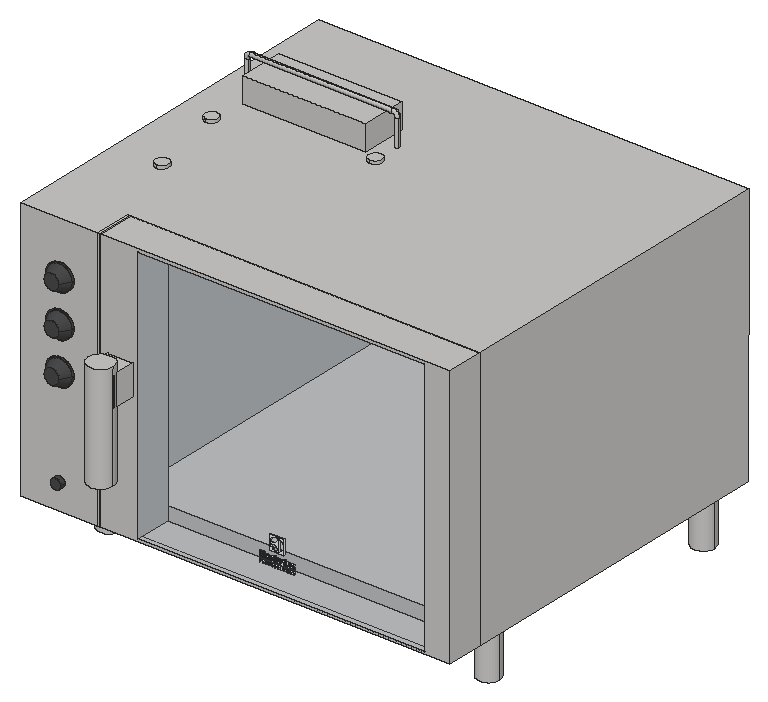
Revit family "QF_ELECTROLUXPROFESSIONAL_260813_EFCG61CSAS", category Attrezzature speciali, Revit 2018
Family settings
  Quota connettore circolare = Usa diametro
  Tipo di parte = Normale
  Basato su piano di lavoro = No
  Sempre verticale = Sì
  Taglio con vuoti quando caricato = No
  Condiviso = No
  Punto di calcolo locali = No
Parameters (values of type "Standard")
  Weight = 92.10 kg
  Watts = 350 W
  Volts = 220 V
  URL Manufacturer = "https://www.electroluxprofessional.com/"
  URL = "https://www.electroluxprofessional.com/"
  Steam Supply Size = 0 mm
  Steam Supply Minimum Pressure = 0.0 Pa
  Steam Supply Maximum Pressure = 0.0 Pa
  Steam Consumption per Hour = 0
  Show Logo [instance] = yes
  Show Clearance [instance] = yes
  Refrigeration Suction Line Size = 0 mm
  Refrigeration Liquid Line Size = 0 mm
  Refrigerant Compressor Remote = yes
  Produttore = "Electrolux Professional"
  Phase = 1
  Modello = "EFCG61CSAS"
  Length Actual = 860 mm  # constant formula
  Item Number = "260813"
  Hot Water Size = 0 mm
  Height Actual = 701 mm  # constant formula
  HP = "0.5 HP"
  Gas Size = 12.7 mm
  Gas KW = 8.5
  Gas Input Pressure = 0.0585289 W
  Direct Waste Size = 25 mm
  Descrizione = "CONVECTION OVEN CW 6 GN 1/1 - GAS"
  Depth Actual = 746 mm  # constant formula
  Cycle = 50 Hz
  Condensate Return Size = 0 mm
  Compressed Air Volume = 0.0 L/s
  Compressed Air Size = 0 mm
  Compressed Air Pressure = 0.0 Pa
  Cold Water Size = 19.05 mm
  Accessory = yes
Types (2, lengths in mm): name | URL | Produttore | Phase | Modello | Gas Size | Direct Waste Size | Descrizione | Cold Water Size
  (no name) | 0 | 0 | 0 | 0 | 0 | 0 | 0 | 0
  Standard | "https://www.electroluxprofessional.com/" | "Electrolux Professional" | 1 | "EFCG61CSAS" | 12.7 | 25 | "CONVECTION OVEN CW 6 GN 1/1 - GAS" | 19.05
Values of the unnamed type that differ from the named types
  Weight = 0.00 kg
  Watts = 0 W
  Volts = 0 V
  URL Manufacturer = ""
  Item Number = ""
  HP = ""
  Gas KW = 0
  Gas Input Pressure = 0 W
  Cycle = 0 Hz
Reference planes
  plane 1 "Center X": y = 106.851
  plane 2: z = 0
  plane 3 "Center Y": x = -330
  plane 4 "LEFT": x = -760
  plane 5 "BACK": y = 479.851
  plane 6 "RIGHT": x = 100
  plane 7 "FRONT": y = -266.149
  plane 8: x = -710
  plane 9: y = 421.851
  plane 10: y = -191.149
  plane 11: x = 80
  plane 12: z = 108
  plane 13 "Center Z": z = 633
  plane 14: z = 0
  plane 15 "1": y = 241.851
Forms (mm)
  Extrusion 1, solid, material "QF_Finishes_Stainless Steel"
    sketch origin (0, 0, 950) x (-1, 0, 0) y (0, -1, 0)
      loop
        line (760, -479.851) -> (760, 266.149) -> (600, 266.149) -> (600, 191.149) -> (-100, 191.149) -> (-100, -479.851) -> (760, -479.851)
    from -317 to -842
  Extrusion 2, solid, material "QF_Finishes_Stainless Steel"
    sketch origin (0, -266.149, -670) x (-1, 0, 0) y (0, 0, 1)
      loop
        line (605, 1303) -> (-100, 1303) -> (-100, 778) -> (605, 778) -> (605, 1303)
      loop
        line (525, 1298) -> (-50, 1298) -> (-50, 783) -> (525, 783) -> (525, 1298)
    from 0 to 75
  Extrusion 3, solid, material "QF_Finishes_Glass"
    sketch origin (0, -266.149, -670) x (-1, 0, 0) y (0, 0, 1)
      loop
        line (-50, 1298) -> (-50, 783) -> (525, 783) -> (525, 1298) -> (-50, 1298)
    from 0 to 9.69
  Extrusion 4, solid, material "QF_Finishes_Stainless Steel"
    sketch origin (-46, -45, 638) x (0, -1, 0) y (-1, 0, 0)
      loop
        circle (-347.851, 643) r 13.25
    from 0 to 5
  Extrusion 5, solid, material "QF_Door-Drawer Clearances", visible <- "Show Clearance", detail levels coarse
    sketch origin (0, 0, 633) x (-1, 0, 0) y (0, -1, 0)
      loop
        arc (600, 266.149) -> (394.975, 761.124) -> (-100, 966.149) r 700
        line (-100, 966.149) -> (-100, 266.149) -> (600, 266.149)
    from -525 to 0
  Extrusion 6, solid, material "QF_Finishes_Stainless Steel"
    sketch origin (-20, -463, 638) x (0, -1, 0) y (-1, 0, 0)
      loop
        circle (-429.851, 643) r 13.25
    from 0 to 5
  Extrusion 7, solid, material "QF_Finishes_Stainless Steel"
    sketch origin (246, -161, 638) x (0, -1, 0) y (-1, 0, 0)
      loop
        circle (-347.851, 658) r 13.25
    from 0 to 5
  Extrusion 8, solid, material "QF_Finishes_Stainless Steel"
    sketch origin (0, 0, 420) x (-1, 0, 0) y (0, -1, 0)
      loop
        circle (559.299, 316.149) r 25
    from -193.655 to 20
  Extrusion 9, solid, material "QF_Finishes_Stainless Steel"
    sketch origin (0, 0, 420) x (-1, 0, 0) y (0, -1, 0)
      loop
        line (534.299, 316.149) -> (534.299, 266.149) -> (584.299, 266.149) -> (584.299, 316.149)
        arc (584.299, 316.149) -> (559.299, 291.149) -> (534.299, 316.149) r 25
    from -55.026 to 5
  Extrusion 10, solid, material "QF_Finishes_Black"
    sketch origin (25, -316.149, -1057.5) x (-1, 0, 0) y (0, 0, 1)
      loop
        circle (705.941, 1218.523) r 10
    from 40 to 50
  Extrusion 11, solid, material "QF_Finishes_Stainless Steel"
    sketch origin (-51, -218, 638) x (0, -1, 0) y (-1, 0, 0)
      loop
        circle (-347.851, 643) r 13.25
    from 0 to 5
  Extrusion 12, solid, material "QF_Finishes_Black"
    sketch origin (24, -266.149, -666.676) x (-1, 0, 0) y (0, 0, 1)
      loop
        circle (704, 1195.5) r 26.676
    from 0 to -3
  Blend 13, solid, material "QF_Finishes_Black"
    base sketch origin (-6, -266.149, -666.676) x (1, 0, 0) y (0, 0, 1)
      loop
        circle (-674, 1195.5) r 25
    top sketch origin (-6, -266.149, -666.676) x (1, 0, 0) y (0, 0, 1)
      loop
        circle (-674, 1195.5) r 15
    from 3 to 21.442
  Extrusion 14, solid, material "QF_Finishes_Black"
    sketch origin (24, -266.149, -751.676) x (-1, 0, 0) y (0, 0, 1)
      loop
        circle (704, 1195.5) r 26.676
    from 0 to -3
  Blend 15, solid, material "QF_Finishes_Black"
    base sketch origin (-6, -266.149, -751.676) x (1, 0, 0) y (0, 0, 1)
      loop
        circle (-674, 1195.5) r 25
    top sketch origin (-6, -266.149, -751.676) x (1, 0, 0) y (0, 0, 1)
      loop
        circle (-674, 1195.5) r 15
    from 3 to 21.442
  Extrusion 16, solid, material "QF_Finishes_Black"
    sketch origin (24, -266.149, -836.676) x (-1, 0, 0) y (0, 0, 1)
      loop
        circle (704, 1195.5) r 26.676
    from 0 to -3
  Blend 17, solid, material "QF_Finishes_Black"
    base sketch origin (-6, -266.149, -836.676) x (1, 0, 0) y (0, 0, 1)
      loop
        circle (-674, 1195.5) r 25
    top sketch origin (-6, -266.149, -836.676) x (1, 0, 0) y (0, 0, 1)
      loop
        circle (-674, 1195.5) r 15
    from 3 to 21.442
  Extrusion 18, void
    sketch origin (-600, -680.149, 1750) x (-1, 0, 0) y (0, 0, 1)
      loop
        line (0, -1138.194) -> (-650, -1138.194) -> (-650, -1610) -> (0, -1610) -> (0, -1138.194)
    from 489 to 1102
  Extrusion 19, solid, material "QF_Finishes_Stainless Steel"
    sketch origin (-158.755, 1.577, 1620) x (-1, 0, 0) y (0, -1, 0)
      loop
        line (527.245, -285.274) -> (527.245, -195.745) -> (280.245, -195.745) -> (280.245, -285.274) -> (527.245, -285.274)
    from -987 to -936
  Sweep 20, solid, material "QF_Finishes_Stainless Steel"
    path origin (-11, 241.851, 0) x (-1, 0, 0) y (0, 0, 1)
      loop
        line (702, 638) -> (702, 687)
        arc (702, 687) -> (699.657, 692.657) -> (694, 695) r 8
        line (694, 695) -> (409, 695)
        arc (409, 695) -> (403.343, 692.657) -> (401, 687) r 8
        line (401, 687) -> (401, 633)
    profile origin (-713, 241.851, 662.5) x (1, 0, 0) y (0, 1, 0)
      loop
        circle (0, 0) r 4
Cuts and joins
  Extrusion 18 cuts Extrusion 1
  Extrusion 18 cuts Extrusion 2
  Extrusion 18 cuts Extrusion 3
  Extrusion 18 cuts Extrusion 5
  Extrusion 18 cuts Extrusion 7
  Extrusion 18 cuts Extrusion 8
  Extrusion 18 cuts Extrusion 9
Lines and regions (mm)
  Split face 1
    outline origin (-720, -266.149, 950) x (0, 0, -1) y (1, 0, 0)
      loop
        line (322, -25) -> (837, -25) -> (837, 105) -> (322, 105) -> (322, -25)
  Split face 2
    outline origin (-736.25, -266.149, 746.25) x (0, 0, -1) y (1, 0, 0)
      loop
        line (469.5, 38.5) -> (485.75, 38.5) -> (485.75, 73.5) -> (469.5, 73.5) -> (469.5, 38.5)
  Split face 3
    outline origin (30, -266.149, 135) x (1, 0, 0) y (0, 0, 1)
      loop
        line (-541.223, 70.039) -> (-390, 70.039) -> (-361.716, 98.323) -> (-275, 98.323) -> (-188.284, 98.323) -> (-160, 70.039) -> (6.223, 70.039) -> (6.223, 415.039) -> (-541.223, 415.039) -> (-541.223, 70.039)
  Split face 4
    outline origin (-720, -266.149, 950) x (0, 0, -1) y (1, 0, 0)
      loop
        line (792, -25) -> (792, 105)
  Split face 5
    outline origin (-600, -266.149, 950) x (-1, 0, 0) y (0, 0, -1)
      loop
        line (145, 367) -> (15, 367)
  symbolic lines
    curve 1: line (-760, -266.149, 1620) -> (-760, 479.851, 1620)
    curve 2: line (-760, 479.851, 1620) -> (100, 479.851, 1620)
    curve 3: line (-600, -191.149, 1620) -> (100, -191.149, 1620)
    curve 4: line (-600, -191.149, 1620) -> (-600, -266.149, 1620)
    curve 5: line (-760, -266.149, 1620) -> (100, -266.149, 1620)
    curve 6: line (-706.676, -269.149, 1620) -> (-653.324, -269.149, 1620)
    curve 7: line (-695, -287.591, 1620) -> (-665, -287.591, 1620)
    curve 8: line (-706.676, -269.149, 1620) -> (-706.676, -266.149, 1620)
    curve 9: line (-653.324, -269.149, 1620) -> (-653.324, -266.149, 1620)
    curve 10: line (-695, -287.591, 1620) -> (-705, -269.149, 1620)
    curve 11: line (-665, -287.591, 1620) -> (-655.006, -269.149, 1620)
    curve 12: line (100, 479.851, 1620) -> (100, -266.149, 1620)
    curve 14: arc (-534.299, -316.149, 1620) -> (-559.299, -291.149, 1620) -> (-584.299, -316.149, 1620) r 25
    curve 15: arc (-584.299, -316.149, 1620) -> (-559.299, -341.149, 1620) -> (-534.299, -316.149, 1620) r 25
    curve 16: line (-534.299, -316.149, 1620) -> (-534.299, -266.149, 1620)
    curve 17: line (-584.299, -266.149, 1620) -> (-584.299, -316.149, 1620)
    curve 19: line (-686, 286.851, 684) -> (-439, 286.851, 684)
    curve 20: line (-686, 197.322, 684) -> (-686, 237.851, 684)
    curve 21: line (-439, 197.322, 684) -> (-686, 197.322, 684)
    curve 22: line (-439, 286.851, 684) -> (-439, 245.851, 684)
    curve 23: line (-713, 245.851, 684) -> (-412, 245.851, 684)
    curve 24: line (-713, 237.851, 684) -> (-713, 245.851, 684)
    curve 25: line (-412, 237.851, 684) -> (-713, 237.851, 684)
    curve 26: line (-412, 245.851, 684) -> (-412, 237.851, 684)
    curve 27: line (-686, 245.851, 684) -> (-686, 286.851, 684)
    curve 28: line (-439, 237.851, 684) -> (-439, 197.322, 684)
  symbolic lines, style "QF_Door-Drawer Clearances"
    curve 13: line (100, -966.149, 1620) -> (100, -266.149, 1620)
    curve 18: arc (-600, -266.149, 684) -> (-394.975, -761.124, 684) -> (100, -966.149, 684) r 700
Dimensions and locks
  equal spacing: plane 4 "LEFT", plane 3 "Center Y", plane 6 "RIGHT"
  plane 4 "LEFT" to plane 6 "RIGHT" = 860 mm
  plane 5 "BACK" to plane 7 "FRONT" = 746 mm
  equal spacing: plane 5 "BACK", plane 1 "Center X", plane 7 "FRONT"
  plane 12 to plane 14 = 108 mm
  plane 13 "Center Z" to plane 12 = 525 mm
  plane 13 "Center Z" to plane 14 = 633 mm
  aligned and locked: level to plane 2
  aligned and locked: plane 12 to nested 1
  aligned and locked: plane 12 to nested 2
  aligned and locked: plane 12 to nested 4
  aligned and locked: plane 12 to nested 3
  aligned and locked: Extrusion 1 to plane 12
  aligned and locked: plane 13 "Center Z" to Extrusion 1
  aligned and locked: Blend 13 to Extrusion 12
  aligned and locked: Blend 15 to Extrusion 14
  aligned and locked: Blend 17 to Extrusion 16
Automatic sketch dimensions
  curve 3 to plane 6 "RIGHT" = 0 mm
  curve 16 to plane 7 "FRONT" = 0 mm
  curve 3 to plane 10 = 0 mm
  curve 2 to plane 4 "LEFT" = 0 mm
  curve 1 to plane 5 "BACK" = 0 mm
  curve 16 to plane 7 "FRONT" = 50 mm
  plane 8 to curve 16 = 175.701 mm
  curve 14 to curve 15 = 25 mm
  curve 17 to curve 3 = 15.701 mm
  curve 6 to plane 7 "FRONT" = 3 mm
  curve 4 to curve 6 = 53.324 mm
  curve 6 to curve 7 = 11.676 mm
  plane 8 to curve 7 = 15 mm
  plane 8 to curve 8 = 3.324 mm
  curve 11 to curve 11 = 18.442 mm
  curve 6 to curve 11 = 1.682 mm
  curve 10 to curve 6 = 1.676 mm
  Extrusion 1 sketch curve to plane 5 "BACK" = 0 mm
  Extrusion 1 sketch curve to plane 6 "RIGHT" = 0 mm
  Extrusion 1 sketch curve to plane 10 = 0 mm
  Extrusion 1 sketch curve to plane 7 "FRONT" = 0 mm
  Extrusion 1 sketch curve to plane 4 "LEFT" = 0 mm
  plane 8 to Extrusion 1 sketch curve = 110 mm
  Extrusion 2 sketch curve to plane 6 "RIGHT" = 0 mm
  Extrusion 2 sketch curve to plane 12 = 0 mm
  Extrusion 2 sketch curve to plane 13 "Center Z" = 0 mm
  plane 12 to Extrusion 2 sketch curve = 5 mm
  Extrusion 2 sketch curve to plane 11 = 30 mm
  Extrusion 2 sketch curve to plane 13 "Center Z" = 5 mm
  plane 8 to Extrusion 2 sketch curve = 185 mm
  Extrusion 2 sketch curve to Extrusion 2 sketch curve = 80 mm
  plane 12 to Extrusion 3 sketch curve = 5 mm
  Extrusion 3 sketch curve to plane 11 = 30 mm
  plane 8 to Extrusion 3 sketch curve = 185 mm  (x2)
  Extrusion 3 sketch curve to plane 13 "Center Z" = 5 mm
  Extrusion 4 sketch curve to plane 1 "Center X" = 196 mm
  plane 8 to Extrusion 4 sketch curve = 21 mm
  Extrusion 5 sketch curve to plane 6 "RIGHT" = 0 mm
  Extrusion 5 sketch curve to plane 7 "FRONT" = 0 mm
  plane 8 to Extrusion 5 sketch curve = 110 mm
  Split face 1 sketch curve to Extrusion 1 = 5 mm  (x2)
  Split face 1 sketch curve to Extrusion 1 = 15 mm  (x2)
  Split face 2 sketch curve to Extrusion 1 = 62.75 mm
  Split face 2 sketch curve to Extrusion 1 = 168.75 mm
  Split face 2 sketch curve to Split face 2 sketch curve = 16.25 mm
  Split face 2 sketch curve to Split face 2 sketch curve = 35 mm
  plane 8 to Extrusion 6 sketch curve = 47 mm
  plane 1 "Center X" to Extrusion 6 sketch curve = 140 mm
  Extrusion 7 sketch curve to plane 3 "Center Y" = 82 mm
  Extrusion 7 sketch curve to plane 9 = 235 mm
  Extrusion 8 sketch curve to plane 7 "FRONT" = 50 mm
  plane 8 to Extrusion 8 sketch curve = 150.701 mm
  Extrusion 9 sketch curve to plane 7 "FRONT" = 0 mm
  plane 8 to Extrusion 9 sketch curve = 175.701 mm
  Extrusion 9 sketch curve to Extrusion 9 sketch curve = 25 mm
  Extrusion 9 sketch curve to plane 7 "FRONT" = 50 mm
  Split face 3 sketch curve to Extrusion 3 = 13.777 mm  (x2)
  Split face 3 sketch curve to Split face 3 sketch curve = 151.223 mm
  Split face 3 sketch curve to Split face 3 sketch curve = 28.284 mm  (x3)
  Split face 3 sketch curve to Split face 3 sketch curve = 86.716 mm  (x2)
  Split face 3 sketch curve to Extrusion 3 = 92.039 mm  (x2)
  Split face 3 sketch curve to Extrusion 3 = 77.961 mm
  Split face 4 sketch curve to Extrusion 1 = 15 mm  (x2)
  Split face 4 sketch curve to Extrusion 1 = 50 mm
  plane 8 to Extrusion 10 sketch curve = 29.059 mm
  plane 12 to Extrusion 10 sketch curve = 53.023 mm
  Split face 5 sketch curve to Extrusion 1 = 15 mm  (x2)
  Split face 5 sketch curve to Extrusion 1 = 50 mm
  plane 8 to Extrusion 11 sketch curve = 16 mm
  Extrusion 11 sketch curve to plane 1 "Center X" = 23 mm
  plane 8 to Extrusion 12 sketch curve = 30 mm
  Extrusion 12 sketch curve to plane 13 "Center Z" = 104.176 mm
  plane 8 to Blend 13 sketch curve = 30 mm  (x2)
  Blend 13 sketch curve to plane 13 "Center Z" = 104.176 mm  (x2)
  plane 8 to Extrusion 14 sketch curve = 30 mm
  Extrusion 14 sketch curve to plane 13 "Center Z" = 189.176 mm
  plane 8 to Blend 15 sketch curve = 30 mm  (x2)
  Blend 15 sketch curve to plane 13 "Center Z" = 189.176 mm  (x2)
  plane 8 to Extrusion 16 sketch curve = 30 mm
  plane 12 to Extrusion 16 sketch curve = 250.824 mm
  plane 8 to Blend 17 sketch curve = 30 mm  (x2)
  plane 12 to Blend 17 sketch curve = 250.824 mm  (x2)
  Extrusion 18 sketch curve to plane 11 = 30 mm
  plane 12 to Extrusion 18 sketch curve = 32 mm
  plane 8 to Extrusion 18 sketch curve = 110 mm
  Extrusion 18 sketch curve to plane 13 "Center Z" = 21.194 mm
  Extrusion 19 sketch curve to plane 3 "Center Y" = 109 mm
  plane 8 to Extrusion 19 sketch curve = 24 mm
  Extrusion 19 sketch curve to plane 9 = 135 mm
  Extrusion 19 sketch curve to plane 1 "Center X" = 90.471 mm
  Sweep 20 sketch curve to plane 13 "Center Z" = 0 mm
  Sweep 20 sketch curve to plane 3 "Center Y" = 82 mm
  Sweep 20 sketch curve to Sweep 20 sketch curve = 8 mm
  plane 8 to Sweep 20 sketch curve = 5 mm
  Sweep 20 sketch curve to plane 8 = 3 mm
  Sweep 20 sketch curve to Sweep 20 sketch curve = 54 mm
  plane 13 "Center Z" to Sweep 20 sketch curve = 5 mm
  Sweep 20 sketch curve to plane 15 "1" = 0 mm
  Sweep 20 sketch curve to profile plane = 0 mm
  curve 13 to plane 7 "FRONT" = 700 mm
  curve 18 to plane 6 "RIGHT" = 0 mm
  curve 18 to plane 7 "FRONT" = 0 mm
  curve 25 to plane 15 "1" = 4 mm
  curve 25 to plane 3 "Center Y" = 82 mm
  curve 25 to curve 21 = 27 mm
  curve 19 to curve 28 = 0 mm
  plane 8 to curve 21 = 24 mm
  plane 8 to curve 27 = 24 mm
  curve 24 to plane 8 = 3 mm
  plane 15 "1" to curve 26 = 4 mm
  curve 19 to curve 27 = 41 mm
  curve 21 to plane 15 "1" = 44.529 mm
  plane 8 to curve 18 = 110 mm
  radius of Extrusion 4 sketch curve = 13.25 mm
  radius of Extrusion 6 sketch curve = 13.25 mm
  radius of Extrusion 7 sketch curve = 13.25 mm
  radius of Extrusion 8 sketch curve = 25 mm
  radius of Extrusion 10 sketch curve = 10 mm
  radius of Extrusion 11 sketch curve = 13.25 mm
  radius of Extrusion 12 sketch curve = 26.676 mm
  radius of Blend 13 sketch curve = 25 mm
  radius of Blend 13 sketch curve = 15 mm
  radius of Extrusion 14 sketch curve = 26.676 mm
  radius of Blend 15 sketch curve = 25 mm
  radius of Blend 15 sketch curve = 15 mm
  radius of Extrusion 16 sketch curve = 26.676 mm
  radius of Blend 17 sketch curve = 25 mm
  radius of Blend 17 sketch curve = 15 mm
  radius of Sweep 20 sketch curve = 4 mm
Nested families
  nested 1: "Foot" at (-710, -107.149, 0), type "Foot"
    with Ø 22 mm, H 108 mm
  nested 2: "Foot" at (50, -107.149, 0), type "Foot"
    with Ø 22 mm, H 108 mm
  nested 3: "Foot" at (50, 429.851, 0), type "Foot"
    with Ø 22 mm, H 108 mm
  nested 4: "Foot" at (-710, 429.851, 0), type "Foot"
    with Ø 22 mm, H 108 mm
  nested 5: "ELX_Pro_Logo" at (-245, -266.149, 184.012) x (1, 0, 0) z (0, -1, 0), type "ELX_Pro_Logo"
Connectors
  piping at (-412, 186.851, 638), diameter 25, driven by "Direct Waste Size"
    settings: on Extrusion 7, index 6, connector inside diameter 609.6 mm, connector length 0 mm, flow factor 0, pipe flow 0.0 L/s, pressure drop 0.0 Pa, fitting loss kfactor 0, connector angle 0.00°, fixture units 0, engagement length 0 mm, angle of deflection 0.00°, flow configuration 0, flow direction 0, fitting loss method 0, system type 16, joint type 0, gender type 0, connector reference index -1, connector utility 0, adjustable connector no, is connector primary yes, connector description "Drain"
  electrical at (-663, -33.149, 638)
    settings: on Extrusion 6, index 7, voltage 0 V, apparent load 0 VA, apparent load phase1 0 VA, apparent load phase2 0 VA, apparent load phase3 0 VA, power factor 1, load classification "Altro", number of poles 1, system type 30, power factor state 1, is connector primary yes, connector utility no, sub classification motor no, connector description ""
  piping at (-689, 302.851, 638), diameter 19.05, driven by "Cold Water Size"
    settings: on Extrusion 4, index 8, connector inside diameter 609.6 mm, connector length 0 mm, flow factor 0, pipe flow 0.0 L/s, pressure drop 0.0 Pa, fitting loss kfactor 0, connector angle 0.00°, fixture units 0, engagement length 0 mm, angle of deflection 0.00°, flow configuration 0, flow direction 0, fitting loss method 0, system type 20, joint type 0, gender type 0, connector reference index -1, connector utility 0, adjustable connector no, is connector primary no, connector description "Cold Water Inlet"
  piping at (-694, 129.851, 638), diameter 26.4
    settings: on Extrusion 11, index 9, connector inside diameter 609.6 mm, connector length 0 mm, flow factor 0, pipe flow 0.0 L/s, pressure drop 0.0 Pa, fitting loss kfactor 0, connector angle 0.00°, fixture units 0, engagement length 0 mm, angle of deflection 0.00°, flow configuration 0, flow direction 0, fitting loss method 0, system type 22, joint type 0, gender type 0, connector reference index -1, connector utility 0, adjustable connector no, is connector primary no, connector description "Gas"
Definition of nested family "Foot"
  Parameters
    Ø [instance] = 20 mm
    H [instance] = 50 mm
  Reference planes
    plane 1 "Centro (Fronte/Retro)": y = 0
    plane 2: z = 0
    plane 3 "Centro (Sinistra/Destra)": x = 0
    plane 4: z = 50
  Forms (mm)
    Revolve 1, solid
      sketch origin (255.05, 0, 608.09) x (0, 0, 1) y (-1, 0, 0)
        loop
          line (-608.09, 255.05) -> (-608.09, 235.05) -> (-558.09, 235.05) -> (-558.09, 255.05) -> (-608.09, 255.05)
        axis (-608.09, 255.05) -> (-558.09, 255.05)
      angle from 0 to 360
  Dimensions and locks
    "H": plane 4 to plane 2
    "Ø": Revolve 1 sketch curve to Revolve 1 sketch curve
    aligned and locked: level to plane 2
    aligned and locked: plane 4 to Revolve 1 sketch curve
    aligned and locked: Revolve 1 sketch curve to level
    aligned and locked: plane 3 "Centro (Sinistra/Destra)" to Revolve 1 sketch curve
  Automatic sketch dimensions
    Revolve 1 sketch curve to plane 3 "Centro (Sinistra/Destra)" = 0 mm
    Revolve 1 sketch curve to Revolve 1 sketch curve = 50 mm
    Revolve 1 sketch curve to Revolve 1 sketch curve = 20 mm
Definition of nested family "ELX_Pro_Logo"
  Parameters (values of type "ELX_Pro_Logo")
    M = none
    Default Elevation = 0 mm
  Reference planes
    plane 1 "Centro (Fronte/Retro)": y = 0
    plane 2: z = 0
    plane 3 "Centro (Sinistra/Destra)": x = 0
  Forms (mm)
    Extrusion 1, solid
      sketch origin (0, 0, 0) x (1, 0, 0) y (0, 1, 0)
        loop
          line (-1219.2, 1219.2) -> (-1219.2, -1219.2) -> (1219.2, -1219.2) -> (1219.2, 1219.2) -> (-1219.2, 1219.2)
      from 0 to -304.8
    Extrusion 2, solid, material <- "M"
      sketch origin (-144.622, -1081.55, 0) x (-1, 0, 0) y (0, -1, 0)
        loop
          line (-111.329, -1069.559) -> (-111.329, -1071.073) -> (-116.048, -1071.073) -> (-116.048, -1072.896) -> (-111.328, -1072.896) -> (-111.328, -1075.549) -> (-116.349, -1075.549) -> (-116.349, -1077.368) -> (-109.396, -1077.368) -> (-109.396, -1073.46) -> (-109.396, -1069.659)
          arc (-109.396, -1069.659) -> (-110.425, -1067.175) -> (-112.909, -1066.146) r 3.513
          line (-112.909, -1066.146) -> (-116.483, -1066.146) -> (-116.483, -1067.963) -> (-112.925, -1067.963)
          arc (-112.925, -1067.963) -> (-111.797, -1068.431) -> (-111.329, -1069.559) r 1.596
        loop
          line (-119.79, -1077.358) -> (-117.856, -1077.358) -> (-117.856, -1072.053) -> (-117.856, -1066.132) -> (-119.79, -1066.132) -> (-119.79, -1072.092) -> (-119.79, -1077.358)
        loop
          line (-122.986, -1069.718) -> (-129.327, -1069.718)
          arc (-129.327, -1069.718) -> (-129.219, -1071.449) -> (-128.497, -1073.026) r 4.757
          arc (-128.497, -1073.026) -> (-125.237, -1074.5) -> (-121.978, -1073.026) r 4.34
          arc (-121.978, -1073.026) -> (-121.072, -1070.207) -> (-121.978, -1067.388) r 4.838
          arc (-121.978, -1067.388) -> (-125.393, -1065.933) -> (-128.809, -1067.388) r 4.737
          line (-128.809, -1067.388) -> (-127.645, -1068.52)
          arc (-127.645, -1068.52) -> (-125.509, -1067.576) -> (-123.374, -1068.52) r 2.888
          arc (-123.374, -1068.52) -> (-123.05, -1069.077) -> (-122.986, -1069.718) r 1.527
        loop
          arc (-127.386, -1071.076) -> (-126.67, -1072.331) -> (-125.331, -1072.872) r 2.201
          arc (-125.331, -1072.872) -> (-123.848, -1072.402) -> (-123.033, -1071.076) r 2.23
          line (-123.033, -1071.076) -> (-127.386, -1071.076)
        loop
          line (-136.862, -1071.886) -> (-138.059, -1073.132)
          arc (-138.059, -1073.132) -> (-130.327, -1070.219) -> (-138.059, -1067.306) r 4.415
          line (-138.059, -1067.306) -> (-136.862, -1068.553)
          arc (-136.862, -1068.553) -> (-132.252, -1070.22) -> (-136.862, -1071.886) r 2.606
        loop
          line (-141.192, -1069.673) -> (-141.192, -1072.494) -> (-142.951, -1072.494) -> (-142.951, -1074.25) -> (-141.195, -1074.25) -> (-141.195, -1077.358) -> (-139.262, -1077.358) -> (-139.262, -1073.332) -> (-139.262, -1069.514)
          arc (-139.262, -1069.514) -> (-140.299, -1066.92) -> (-142.98, -1066.132) r 3.196
          line (-142.98, -1066.132) -> (-142.987, -1067.949)
          arc (-142.987, -1067.949) -> (-141.652, -1068.356) -> (-141.192, -1069.673) r 1.542
        loop
          line (-146.494, -1073.042) -> (-146.494, -1074.25) -> (-144.576, -1074.25) -> (-144.576, -1070.271) -> (-144.576, -1066.132) -> (-146.494, -1066.132) -> (-146.494, -1070.401)
          arc (-146.494, -1070.401) -> (-147.446, -1072.228) -> (-149.489, -1072.494) r 2.229
          line (-149.489, -1072.494) -> (-149.489, -1074.362)
          arc (-149.489, -1074.362) -> (-147.761, -1074.226) -> (-146.494, -1073.042) r 2.627
        loop
          line (-159.833, -1072.246) -> (-159.833, -1066.131) -> (-161.767, -1066.131) -> (-161.767, -1072.17) -> (-161.767, -1077.359) -> (-159.833, -1077.359) -> (-159.833, -1072.246)
        loop
          line (-165.194, -1069.514) -> (-165.194, -1074.25) -> (-163.245, -1074.25) -> (-163.245, -1071.898) -> (-163.245, -1069.098)
          arc (-163.245, -1069.098) -> (-166.96, -1065.769) -> (-170.687, -1069.085) r 3.745
          line (-170.687, -1069.085) -> (-170.687, -1071.898) -> (-170.687, -1074.25) -> (-168.739, -1074.25) -> (-168.739, -1069.514)
          arc (-168.739, -1069.514) -> (-166.967, -1067.742) -> (-165.194, -1069.514) r 1.772
        loop
          line (-174.654, -1070.416) -> (-172.975, -1068.078) -> (-171.578, -1066.131) -> (-173.656, -1066.131) -> (-175.717, -1068.999) -> (-177.779, -1066.131) -> (-179.857, -1066.131) -> (-178, -1068.728) -> (-176.781, -1070.433) -> (-178.29, -1072.488) -> (-179.583, -1074.25) -> (-177.473, -1074.25) -> (-175.717, -1071.818) -> (-173.945, -1074.25) -> (-171.852, -1074.25) -> (-173.052, -1072.608) -> (-174.654, -1070.416)
        loop
          circle (-154.223, -1070.188) r 2.508
        loop
          circle (-154.223, -1070.188) r 4.42
        loop
          line (-110.224, -1058.542) -> (-111.194, -1058.542)
          arc (-111.194, -1058.542) -> (-112.217, -1059.95) -> (-110.924, -1061.114) r 1.3
          line (-110.924, -1061.114) -> (-109.424, -1061.114) -> (-109.424, -1057.223) -> (-110.224, -1057.223) -> (-110.224, -1058.542)
        loop
          line (-110.224, -1060.379) -> (-110.224, -1059.293) -> (-111.03, -1059.293)
          arc (-111.03, -1059.293) -> (-111.43, -1059.836) -> (-111.03, -1060.379) r 0.569
          line (-111.03, -1060.379) -> (-110.224, -1060.379)
        loop
          line (-116.302, -1058.564) -> (-117.128, -1058.564) -> (-117.934, -1057.223) -> (-118.841, -1057.223) -> (-117.833, -1058.884)
          arc (-117.833, -1058.884) -> (-118.214, -1060.282) -> (-117.028, -1061.114) r 1.26
          line (-117.028, -1061.114) -> (-115.503, -1061.114) -> (-115.503, -1057.223) -> (-116.302, -1057.223) -> (-116.302, -1058.564)
        loop
          line (-116.302, -1060.379) -> (-116.302, -1059.293) -> (-117.109, -1059.293)
          arc (-117.109, -1059.293) -> (-117.508, -1059.836) -> (-117.109, -1060.379) r 0.569
          line (-117.109, -1060.379) -> (-116.302, -1060.379)
        loop
          line (-128.923, -1057.223) -> (-129.723, -1057.223) -> (-129.723, -1058.714) -> (-131.187, -1058.714) -> (-131.187, -1059.514) -> (-129.723, -1059.514) -> (-129.723, -1060.314) -> (-131.327, -1060.314) -> (-131.327, -1061.114) -> (-128.923, -1061.114) -> (-128.923, -1057.223)
        loop
          arc (-134.628, -1058.469) -> (-134.992, -1057.588) -> (-135.874, -1057.223) r 1.246
          line (-135.874, -1057.223) -> (-137.13, -1057.223) -> (-137.13, -1058.023) -> (-135.969, -1058.023)
          arc (-135.969, -1058.023) -> (-135.53, -1058.237) -> (-135.427, -1058.714) r 0.558
          line (-135.427, -1058.714) -> (-136.984, -1058.714) -> (-136.984, -1059.514) -> (-135.427, -1059.514) -> (-135.427, -1060.314) -> (-137.092, -1060.314) -> (-137.092, -1061.114) -> (-134.628, -1061.114) -> (-134.628, -1058.469)
        loop
          line (-152.3, -1057.223) -> (-153.1, -1057.223) -> (-153.1, -1061.114) -> (-152.3, -1061.114) -> (-152.3, -1057.223)
        loop
          line (-164.67, -1057.223) -> (-164.67, -1059.67) -> (-166.45, -1057.223) -> (-167.25, -1057.223) -> (-167.25, -1061.114) -> (-166.42, -1061.114) -> (-166.42, -1058.594) -> (-164.64, -1061.114) -> (-163.84, -1061.114) -> (-163.84, -1057.223) -> (-164.67, -1057.223)
        loop
          line (-170.403, -1057.223) -> (-171.262, -1057.223) -> (-171.641, -1058.063) -> (-173.08, -1058.063) -> (-173.459, -1057.223) -> (-174.317, -1057.223) -> (-172.796, -1061.113) -> (-171.996, -1061.113) -> (-170.403, -1057.223)
        loop
          line (-177.493, -1057.223) -> (-179.789, -1057.223) -> (-179.789, -1058.023) -> (-178.293, -1058.023) -> (-178.293, -1061.114) -> (-177.493, -1061.114) -> (-177.493, -1057.223)
        loop
          line (-172.362, -1059.848) -> (-171.945, -1058.83) -> (-172.76, -1058.83) -> (-172.362, -1059.848)
        loop
          circle (-158.484, -1059.145) r 1.288
        loop
          circle (-158.484, -1059.145) r 2.065
        loop
          arc (-146.04, -1058.095) -> (-146.933, -1057.275) -> (-148.145, -1057.245) r 1.725
          arc (-148.145, -1057.245) -> (-148.965, -1058.02) -> (-148.68, -1059.111) r 1.107
          arc (-148.68, -1059.111) -> (-148.103, -1059.465) -> (-147.486, -1059.746) r 5.523
          arc (-147.486, -1059.746) -> (-147.147, -1060.262) -> (-147.708, -1060.52) r 0.407
          arc (-147.708, -1060.52) -> (-148.045, -1060.315) -> (-148.325, -1060.038) r 1.702
          line (-148.325, -1060.038) -> (-149.011, -1060.45)
          arc (-149.011, -1060.45) -> (-148.578, -1060.911) -> (-148.043, -1061.247) r 2.463
          arc (-148.043, -1061.247) -> (-146.373, -1060.466) -> (-147.42, -1058.949) r 1.207
          spline (-147.42, -1058.949) -> (-147.716, -1058.809) -> (-147.932, -1058.678) -> (-148.077, -1058.557) -> (-148.163, -1058.446) -> (-148.198, -1058.347) -> (-148.192, -1058.258) -> (-148.157, -1058.182) -> (-148.102, -1058.118) -> (-148.037, -1058.068) -> (-147.972, -1058.031) -> (-147.917, -1058.008) -> (-147.883, -1058)
          arc (-147.883, -1058) -> (-147.238, -1058.014) -> (-146.759, -1058.446) r 0.925
          line (-146.759, -1058.446) -> (-146.04, -1058.095)
        loop
          arc (-140.18, -1058.095) -> (-141.073, -1057.275) -> (-142.285, -1057.245) r 1.725
          arc (-142.285, -1057.245) -> (-143.106, -1058.02) -> (-142.821, -1059.111) r 1.107
          arc (-142.821, -1059.111) -> (-142.243, -1059.465) -> (-141.627, -1059.746) r 5.523
          arc (-141.627, -1059.746) -> (-141.287, -1060.262) -> (-141.849, -1060.52) r 0.407
          arc (-141.849, -1060.52) -> (-142.185, -1060.315) -> (-142.466, -1060.038) r 1.702
          line (-142.466, -1060.038) -> (-143.151, -1060.45)
          arc (-143.151, -1060.45) -> (-142.719, -1060.911) -> (-142.183, -1061.247) r 2.463
          arc (-142.183, -1061.247) -> (-140.513, -1060.466) -> (-141.56, -1058.949) r 1.207
          spline (-141.56, -1058.949) -> (-141.856, -1058.809) -> (-142.072, -1058.678) -> (-142.218, -1058.557) -> (-142.303, -1058.446) -> (-142.338, -1058.347) -> (-142.333, -1058.258) -> (-142.298, -1058.182) -> (-142.242, -1058.118) -> (-142.177, -1058.068) -> (-142.112, -1058.031) -> (-142.057, -1058.008) -> (-142.023, -1058)
          arc (-142.023, -1058) -> (-141.378, -1058.014) -> (-140.9, -1058.446) r 0.925
          line (-140.9, -1058.446) -> (-140.18, -1058.095)
        loop
          circle (-123.484, -1059.145) r 1.288
        loop
          circle (-123.484, -1059.145) r 2.065
        loop
          line (-130.225, -1113.361) -> (-130.225, -1084.645) -> (-158.979, -1084.645) -> (-158.979, -1113.361) -> (-130.225, -1113.361)
        loop
          arc (-148.442, -1086.055) -> (-157.992, -1098.973) -> (-148.442, -1111.892) r 13.512
          line (-148.442, -1111.892) -> (-148.442, -1086.055)
        loop
          line (-147.127, -1086.055) -> (-147.127, -1087.926)
          arc (-147.127, -1087.926) -> (-143.116, -1095.125) -> (-135.48, -1098.224) r 12.412
          line (-135.48, -1098.224) -> (-131.205, -1098.224)
          arc (-131.205, -1098.224) -> (-136.382, -1088.497) -> (-147.127, -1086.055) r 13.242
        loop
          line (-147.127, -1110.021) -> (-147.127, -1112.224)
          arc (-147.127, -1112.224) -> (-136.374, -1109.53) -> (-131.205, -1099.722) r 13.588
          line (-131.205, -1099.722) -> (-135.48, -1099.722)
          arc (-135.48, -1099.722) -> (-143.116, -1102.822) -> (-147.127, -1110.021) r 12.412
      from 0 to 1.6
  Lines and regions (mm)
    symbolic lines
      curve 1: line (-14.357, 31.811, 0) -> (14.357, 31.811, 0)
      curve 2: line (-14.357, 3.095, 0) -> (-14.357, 31.811, 0)
      curve 3: line (14.357, 3.095, 0) -> (-14.357, 3.095, 0)
      curve 4: line (14.357, 31.811, 0) -> (14.357, 3.095, 0)
      curve 5: line (-8.32, 7.722, 0) -> (-9.387, 8.738, 0)
      curve 6: line (-9.387, 8.738, 0) -> (-10.331, 9.866, 0)
      curve 7: line (-10.331, 9.866, 0) -> (-11.141, 11.095, 0)
      curve 8: line (-11.141, 11.095, 0) -> (-11.805, 12.411, 0)
      curve 9: line (-11.805, 12.411, 0) -> (-12.31, 13.803, 0)
      curve 10: line (-12.31, 13.803, 0) -> (-12.646, 15.26, 0)
      curve 11: line (-12.646, 15.26, 0) -> (-12.8, 16.77, 0)
      curve 12: line (-12.8, 16.77, 0) -> (-10.081, 16.77, 0)
      curve 13: line (-10.081, 16.77, 0) -> (-8.466, 16.661, 0)
      curve 14: line (-8.466, 16.661, 0) -> (-6.88, 16.344, 0)
      curve 15: line (-6.88, 16.344, 0) -> (-5.345, 15.833, 0)
      curve 16: line (-5.345, 15.833, 0) -> (-3.882, 15.143, 0)
      curve 17: line (-3.882, 15.143, 0) -> (-2.511, 14.288, 0)
      curve 18: line (-2.511, 14.288, 0) -> (-1.255, 13.283, 0)
      curve 19: line (-1.255, 13.283, 0) -> (-0.135, 12.143, 0)
      curve 20: line (-0.135, 12.143, 0) -> (0.83, 10.882, 0)
      curve 21: line (0.83, 10.882, 0) -> (1.616, 9.515, 0)
      curve 22: arc (1.616, 9.515, 0) -> (2.419, 7.28, 0) -> (2.7, 4.923, 0) r 10.532
      curve 23: arc (2.7, 4.923, 0) -> (1.362, 4.715, 0) -> (0.011, 4.633, 0) r 14.39
      curve 24: line (0.011, 4.633, 0) -> (-1.56, 4.731, 0)
      curve 25: line (-1.56, 4.731, 0) -> (-3.062, 5.011, 0)
      curve 26: line (-3.062, 5.011, 0) -> (-4.502, 5.462, 0)
      curve 27: line (-4.502, 5.462, 0) -> (-5.866, 6.072, 0)
      curve 28: line (-5.866, 6.072, 0) -> (-7.142, 6.829, 0)
      curve 29: line (-7.142, 6.829, 0) -> (-8.32, 7.722, 0)
      curve 30: line (-10.802, 24.24, 0) -> (-9.872, 25.531, 0)
      curve 31: line (-9.872, 25.531, 0) -> (-8.796, 26.699, 0)
      curve 32: line (-8.796, 26.699, 0) -> (-7.587, 27.728, 0)
      curve 33: line (-7.587, 27.728, 0) -> (-6.258, 28.602, 0)
      curve 34: line (-6.258, 28.602, 0) -> (-4.823, 29.309, 0)
      curve 35: line (-4.823, 29.309, 0) -> (-3.293, 29.832, 0)
      curve 36: line (-3.293, 29.832, 0) -> (-1.683, 30.156, 0)
      curve 37: arc (-1.683, 30.156, 0) -> (0.517, 30.256, 0) -> (2.702, 29.984, 0) r 13.008
      curve 38: arc (2.702, 29.984, 0) -> (2.453, 27.616, 0) -> (1.617, 25.387, 0) r 9.395
      curve 39: line (1.617, 25.387, 0) -> (0.83, 24.018, 0)
      curve 40: line (0.83, 24.018, 0) -> (-0.134, 22.756, 0)
      curve 41: line (-0.134, 22.756, 0) -> (-1.255, 21.615, 0)
      curve 42: line (-1.255, 21.615, 0) -> (-2.512, 20.609, 0)
      curve 43: line (-2.512, 20.609, 0) -> (-3.882, 19.754, 0)
      curve 44: line (-3.882, 19.754, 0) -> (-5.346, 19.063, 0)
      curve 45: line (-5.346, 19.063, 0) -> (-6.881, 18.551, 0)
      curve 46: line (-6.881, 18.551, 0) -> (-8.467, 18.234, 0)
      curve 47: line (-8.467, 18.234, 0) -> (-10.083, 18.125, 0)
      curve 48: line (-10.083, 18.125, 0) -> (-12.798, 18.125, 0)
      curve 49: line (-12.798, 18.125, 0) -> (-12.584, 19.768, 0)
      curve 50: line (-12.584, 19.768, 0) -> (-12.171, 21.343, 0)
      curve 51: line (-12.171, 21.343, 0) -> (-11.572, 22.839, 0)
      curve 52: line (-11.572, 22.839, 0) -> (-10.802, 24.24, 0)
      curve 53: line (4.048, 5.294, 0) -> (4.048, 29.617, 0)
      curve 54: line (4.048, 29.617, 0) -> (5.525, 29.026, 0)
      curve 55: line (5.525, 29.026, 0) -> (6.905, 28.26, 0)
      curve 56: line (6.905, 28.26, 0) -> (8.174, 27.332, 0)
      curve 57: line (8.174, 27.332, 0) -> (9.318, 26.256, 0)
      curve 58: line (9.318, 26.256, 0) -> (10.323, 25.046, 0)
      curve 59: line (10.323, 25.046, 0) -> (11.177, 23.715, 0)
      curve 60: line (11.177, 23.715, 0) -> (11.865, 22.277, 0)
      curve 61: line (11.865, 22.277, 0) -> (12.375, 20.746, 0)
      curve 62: line (12.375, 20.746, 0) -> (12.693, 19.135, 0)
      curve 63: line (12.693, 19.135, 0) -> (12.804, 17.459, 0)
      curve 64: line (12.804, 17.459, 0) -> (12.702, 15.807, 0)
      curve 65: line (12.702, 15.807, 0) -> (12.396, 14.216, 0)
      curve 66: line (12.396, 14.216, 0) -> (11.897, 12.7, 0)
      curve 67: line (11.897, 12.7, 0) -> (11.218, 11.271, 0)
      curve 68: line (11.218, 11.271, 0) -> (10.372, 9.944, 0)
      curve 69: line (10.372, 9.944, 0) -> (9.37, 8.731, 0)
      curve 70: line (9.37, 8.731, 0) -> (8.224, 7.646, 0)
      curve 71: line (8.224, 7.646, 0) -> (6.947, 6.703, 0)
      curve 72: line (6.947, 6.703, 0) -> (5.551, 5.914, 0)
      curve 73: line (5.551, 5.914, 0) -> (4.048, 5.294, 0)
      curve 74: line (-35.227, -8.09, 0) -> (-35.227, -11.891, 0)
      curve 75: arc (-35.227, -11.891, 0) -> (-34.198, -14.375, 0) -> (-31.714, -15.404, 0) r 3.513
      curve 76: line (-31.714, -15.404, 0) -> (-28.139, -15.404, 0)
      curve 77: line (-28.139, -15.404, 0) -> (-28.139, -13.587, 0)
      curve 78: line (-28.139, -13.587, 0) -> (-31.697, -13.587, 0)
      curve 79: arc (-31.697, -13.587, 0) -> (-32.826, -13.119, 0) -> (-33.293, -11.991, 0) r 1.596
      curve 80: line (-33.293, -11.991, 0) -> (-33.293, -10.477, 0)
      curve 81: line (-33.293, -10.477, 0) -> (-28.574, -10.477, 0)
      curve 82: line (-28.574, -10.477, 0) -> (-28.574, -8.654, 0)
      curve 83: line (-28.574, -8.654, 0) -> (-33.294, -8.654, 0)
      curve 84: line (-33.294, -8.654, 0) -> (-33.294, -6.001, 0)
      curve 85: line (-33.294, -6.001, 0) -> (-28.273, -6.001, 0)
      curve 86: line (-28.273, -6.001, 0) -> (-28.273, -4.182, 0)
      curve 87: line (-28.273, -4.182, 0) -> (-35.227, -4.182, 0)
      curve 88: line (-35.227, -4.182, 0) -> (-35.227, -8.09, 0)
      curve 89: line (-24.833, -9.458, 0) -> (-24.833, -4.192, 0)
      curve 90: line (-24.833, -4.192, 0) -> (-26.766, -4.192, 0)
      curve 91: line (-26.766, -4.192, 0) -> (-26.766, -9.497, 0)
      curve 92: line (-26.766, -9.497, 0) -> (-26.766, -15.418, 0)
      curve 93: line (-26.766, -15.418, 0) -> (-24.833, -15.418, 0)
      curve 94: line (-24.833, -15.418, 0) -> (-24.833, -9.458, 0)
      curve 95: arc (-16.125, -8.524, 0) -> (-19.385, -7.05, 0) -> (-22.645, -8.524, 0) r 4.34
      curve 96: arc (-22.645, -8.524, 0) -> (-23.551, -11.343, 0) -> (-22.645, -14.162, 0) r 4.838
      curve 97: arc (-22.645, -14.162, 0) -> (-19.229, -15.617, 0) -> (-15.813, -14.162, 0) r 4.737
      curve 98: line (-15.813, -14.162, 0) -> (-16.978, -13.03, 0)
      curve 99: arc (-16.978, -13.03, 0) -> (-19.113, -13.974, 0) -> (-21.249, -13.03, 0) r 2.888
      curve 100: arc (-21.249, -13.03, 0) -> (-21.572, -12.473, 0) -> (-21.637, -11.832, 0) r 1.527
      curve 101: line (-21.637, -11.832, 0) -> (-15.295, -11.832, 0)
      curve 102: arc (-15.295, -11.832, 0) -> (-15.404, -10.101, 0) -> (-16.125, -8.524, 0) r 4.757
      curve 103: line (-17.236, -10.474, 0) -> (-21.589, -10.474, 0)
      curve 104: arc (-21.589, -10.474, 0) -> (-20.774, -9.148, 0) -> (-19.291, -8.678, 0) r 2.23
      curve 105: arc (-19.291, -8.678, 0) -> (-17.952, -9.219, 0) -> (-17.236, -10.474, 0) r 2.201
      curve 106: arc (-6.563, -8.418, 0) -> (-14.295, -11.331, 0) -> (-6.563, -14.244, 0) r 4.415
      curve 107: line (-6.563, -14.244, 0) -> (-7.761, -12.997, 0)
      curve 108: arc (-7.761, -12.997, 0) -> (-12.371, -11.33, 0) -> (-7.761, -9.664, 0) r 2.606
      curve 109: line (-7.761, -9.664, 0) -> (-6.563, -8.418, 0)
      curve 110: line (-5.361, -4.192, 0) -> (-5.361, -8.218, 0)
      curve 111: line (-5.361, -8.218, 0) -> (-5.361, -12.036, 0)
      curve 112: arc (-5.361, -12.036, 0) -> (-4.323, -14.63, 0) -> (-1.642, -15.418, 0) r 3.196
      curve 113: line (-1.642, -15.418, 0) -> (-1.636, -13.601, 0)
      curve 114: arc (-1.636, -13.601, 0) -> (-2.97, -13.194, 0) -> (-3.43, -11.877, 0) r 1.542
      curve 115: line (-3.43, -11.877, 0) -> (-3.43, -9.056, 0)
      curve 116: line (-3.43, -9.056, 0) -> (-1.672, -9.056, 0)
      curve 117: line (-1.672, -9.056, 0) -> (-1.672, -7.299, 0)
      curve 118: line (-1.672, -7.299, 0) -> (-3.427, -7.299, 0)
      curve 119: line (-3.427, -7.299, 0) -> (-3.427, -4.192, 0)
      curve 120: line (-3.427, -4.192, 0) -> (-5.361, -4.192, 0)
      curve 121: line (1.872, -7.3, 0) -> (-0.046, -7.3, 0)
      curve 122: line (-0.046, -7.3, 0) -> (-0.046, -11.279, 0)
      curve 123: line (-0.046, -11.279, 0) -> (-0.046, -15.418, 0)
      curve 124: line (-0.046, -15.418, 0) -> (1.872, -15.418, 0)
      curve 125: line (1.872, -15.418, 0) -> (1.872, -11.149, 0)
      curve 126: arc (1.872, -11.149, 0) -> (2.824, -9.322, 0) -> (4.867, -9.056, 0) r 2.229
      curve 127: line (4.867, -9.056, 0) -> (4.867, -7.188, 0)
      curve 128: arc (4.867, -7.188, 0) -> (3.138, -7.324, 0) -> (1.872, -8.508, 0) r 2.627
      curve 129: line (1.872, -8.508, 0) -> (1.872, -7.3, 0)
      curve 130: arc (7.092, -11.362, 0) -> (9.601, -8.854, 0) -> (12.109, -11.362, 0) r 2.508
      curve 131: arc (12.109, -11.362, 0) -> (9.601, -13.871, 0) -> (7.092, -11.362, 0) r 2.508
      curve 132: arc (5.18, -11.362, 0) -> (9.601, -15.783, 0) -> (14.021, -11.362, 0) r 4.42
      curve 133: arc (14.021, -11.362, 0) -> (9.601, -6.942, 0) -> (5.18, -11.362, 0) r 4.42
      curve 134: line (15.211, -4.191, 0) -> (15.211, -9.304, 0)
      curve 135: line (15.211, -9.304, 0) -> (15.211, -15.419, 0)
      curve 136: line (15.211, -15.419, 0) -> (17.145, -15.419, 0)
      curve 137: line (17.145, -15.419, 0) -> (17.145, -9.38, 0)
      curve 138: line (17.145, -9.38, 0) -> (17.145, -4.191, 0)
      curve 139: line (17.145, -4.191, 0) -> (15.211, -4.191, 0)
      curve 140: line (18.622, -7.299, 0) -> (18.622, -9.652, 0)
      curve 141: line (18.622, -9.652, 0) -> (18.622, -12.452, 0)
      curve 142: arc (18.622, -12.452, 0) -> (22.338, -15.781, 0) -> (26.064, -12.465, 0) r 3.745
      curve 143: line (26.064, -12.465, 0) -> (26.064, -9.652, 0)
      curve 144: line (26.064, -9.652, 0) -> (26.064, -7.299, 0)
      curve 145: line (26.064, -7.299, 0) -> (24.116, -7.299, 0)
      curve 146: line (24.116, -7.299, 0) -> (24.116, -12.036, 0)
      curve 147: arc (24.116, -12.036, 0) -> (22.344, -13.808, 0) -> (20.572, -12.036, 0) r 1.772
      curve 148: line (20.572, -12.036, 0) -> (20.572, -7.299, 0)
      curve 149: line (20.572, -7.299, 0) -> (18.622, -7.299, 0)
      curve 150: line (28.43, -8.942, 0) -> (30.032, -11.134, 0)
      curve 151: line (30.032, -11.134, 0) -> (28.353, -13.472, 0)
      curve 152: line (28.353, -13.472, 0) -> (26.955, -15.419, 0)
      curve 153: line (26.955, -15.419, 0) -> (29.033, -15.419, 0)
      curve 154: line (29.033, -15.419, 0) -> (31.095, -12.551, 0)
      curve 155: line (31.095, -12.551, 0) -> (33.156, -15.419, 0)
      curve 156: line (33.156, -15.419, 0) -> (35.234, -15.419, 0)
      curve 157: line (35.234, -15.419, 0) -> (33.378, -12.822, 0)
      curve 158: line (33.378, -12.822, 0) -> (32.158, -11.117, 0)
      curve 159: line (32.158, -11.117, 0) -> (33.668, -9.062, 0)
      curve 160: line (33.668, -9.062, 0) -> (34.961, -7.3, 0)
      curve 161: line (34.961, -7.3, 0) -> (32.851, -7.3, 0)
      curve 162: line (32.851, -7.3, 0) -> (31.095, -9.732, 0)
      curve 163: line (31.095, -9.732, 0) -> (29.323, -7.3, 0)
      curve 164: line (29.323, -7.3, 0) -> (27.23, -7.3, 0)
      curve 165: line (27.23, -7.3, 0) -> (28.43, -8.942, 0)
      curve 166: line (-35.198, -20.436, 0) -> (-35.198, -24.327, 0)
      curve 167: line (-35.198, -24.327, 0) -> (-34.398, -24.327, 0)
      curve 168: line (-34.398, -24.327, 0) -> (-34.398, -23.008, 0)
      curve 169: line (-34.398, -23.008, 0) -> (-33.428, -23.008, 0)
      curve 170: arc (-33.428, -23.008, 0) -> (-32.405, -21.6, 0) -> (-33.699, -20.436, 0) r 1.3
      curve 171: line (-33.699, -20.436, 0) -> (-35.198, -20.436, 0)
      curve 172: line (-34.398, -22.257, 0) -> (-34.398, -21.171, 0)
      curve 173: line (-34.398, -21.171, 0) -> (-33.592, -21.171, 0)
      curve 174: arc (-33.592, -21.171, 0) -> (-33.192, -21.714, 0) -> (-33.592, -22.257, 0) r 0.569
      curve 175: line (-33.592, -22.257, 0) -> (-34.398, -22.257, 0)
      curve 176: line (-29.12, -20.436, 0) -> (-29.12, -24.327, 0)
      curve 177: line (-29.12, -24.327, 0) -> (-28.32, -24.327, 0)
      curve 178: line (-28.32, -24.327, 0) -> (-28.32, -22.986, 0)
      curve 179: line (-28.32, -22.986, 0) -> (-27.494, -22.986, 0)
      curve 180: line (-27.494, -22.986, 0) -> (-26.688, -24.327, 0)
      curve 181: line (-26.688, -24.327, 0) -> (-25.781, -24.327, 0)
      curve 182: line (-25.781, -24.327, 0) -> (-26.789, -22.666, 0)
      curve 183: arc (-26.789, -22.666, 0) -> (-26.409, -21.268, 0) -> (-27.594, -20.436, 0) r 1.26
      curve 184: line (-27.594, -20.436, 0) -> (-29.12, -20.436, 0)
      curve 185: line (-28.32, -22.257, 0) -> (-28.32, -21.171, 0)
      curve 186: line (-28.32, -21.171, 0) -> (-27.514, -21.171, 0)
      curve 187: arc (-27.514, -21.171, 0) -> (-27.114, -21.714, 0) -> (-27.514, -22.257, 0) r 0.569
      curve 188: line (-27.514, -22.257, 0) -> (-28.32, -22.257, 0)
      curve 189: arc (-22.427, -22.405, 0) -> (-21.138, -21.117, 0) -> (-19.85, -22.405, 0) r 1.288
      curve 190: arc (-19.85, -22.405, 0) -> (-21.138, -23.694, 0) -> (-22.427, -22.405, 0) r 1.288
      curve 191: arc (-23.203, -22.405, 0) -> (-21.138, -24.47, 0) -> (-19.074, -22.405, 0) r 2.065
      curve 192: arc (-19.074, -22.405, 0) -> (-21.138, -20.34, 0) -> (-23.203, -22.405, 0) r 2.065
      curve 193: line (-15.7, -20.436, 0) -> (-15.7, -24.327, 0)
      curve 194: line (-15.7, -24.327, 0) -> (-14.9, -24.327, 0)
      curve 195: line (-14.9, -24.327, 0) -> (-14.9, -22.836, 0)
      curve 196: line (-14.9, -22.836, 0) -> (-13.436, -22.836, 0)
      curve 197: line (-13.436, -22.836, 0) -> (-13.436, -22.036, 0)
      curve 198: line (-13.436, -22.036, 0) -> (-14.9, -22.036, 0)
      curve 199: line (-14.9, -22.036, 0) -> (-14.9, -21.236, 0)
      curve 200: line (-14.9, -21.236, 0) -> (-13.295, -21.236, 0)
      curve 201: line (-13.295, -21.236, 0) -> (-13.295, -20.436, 0)
      curve 202: line (-13.295, -20.436, 0) -> (-15.7, -20.436, 0)
      curve 203: line (-9.995, -20.436, 0) -> (-9.995, -23.081, 0)
      curve 204: arc (-9.995, -23.081, 0) -> (-9.63, -23.962, 0) -> (-8.749, -24.327, 0) r 1.246
      curve 205: line (-8.749, -24.327, 0) -> (-7.492, -24.327, 0)
      curve 206: line (-7.492, -24.327, 0) -> (-7.492, -23.527, 0)
      curve 207: line (-7.492, -23.527, 0) -> (-8.653, -23.527, 0)
      curve 208: arc (-8.653, -23.527, 0) -> (-9.092, -23.313, 0) -> (-9.195, -22.836, 0) r 0.558
      curve 209: line (-9.195, -22.836, 0) -> (-7.639, -22.836, 0)
      curve 210: line (-7.639, -22.836, 0) -> (-7.639, -22.036, 0)
      curve 211: line (-7.639, -22.036, 0) -> (-9.195, -22.036, 0)
      curve 212: line (-9.195, -22.036, 0) -> (-9.195, -21.236, 0)
      curve 213: line (-9.195, -21.236, 0) -> (-7.53, -21.236, 0)
      curve 214: line (-7.53, -21.236, 0) -> (-7.53, -20.436, 0)
      curve 215: line (-7.53, -20.436, 0) -> (-9.995, -20.436, 0)
      curve 216: arc (-4.442, -23.455, 0) -> (-3.549, -24.275, 0) -> (-2.337, -24.305, 0) r 1.725
      curve 217: arc (-2.337, -24.305, 0) -> (-1.517, -23.53, 0) -> (-1.802, -22.439, 0) r 1.107
      curve 218: arc (-1.802, -22.439, 0) -> (-2.379, -22.085, 0) -> (-2.996, -21.804, 0) r 5.523
      curve 219: arc (-2.996, -21.804, 0) -> (-3.336, -21.288, 0) -> (-2.774, -21.03, 0) r 0.407
      curve 220: arc (-2.774, -21.03, 0) -> (-2.437, -21.235, 0) -> (-2.157, -21.512, 0) r 1.702
      curve 221: line (-2.157, -21.512, 0) -> (-1.471, -21.1, 0)
      curve 222: arc (-1.471, -21.1, 0) -> (-1.904, -20.639, 0) -> (-2.44, -20.303, 0) r 2.463
      curve 223: arc (-2.44, -20.303, 0) -> (-4.109, -21.084, 0) -> (-3.062, -22.601, 0) r 1.207
      curve 224: line (-3.062, -22.601, 0) -> (-2.6, -23.549, 0)
      curve 225: arc (-2.6, -23.549, 0) -> (-3.244, -23.536, 0) -> (-3.723, -23.104, 0) r 0.925
      curve 226: line (-3.723, -23.104, 0) -> (-4.442, -23.455, 0)
      curve 227: arc (1.418, -23.455, 0) -> (2.311, -24.275, 0) -> (3.523, -24.305, 0) r 1.725
      curve 228: arc (3.523, -24.305, 0) -> (4.343, -23.53, 0) -> (4.058, -22.439, 0) r 1.107
      curve 229: arc (4.058, -22.439, 0) -> (3.48, -22.085, 0) -> (2.864, -21.804, 0) r 5.523
      curve 230: arc (2.864, -21.804, 0) -> (2.524, -21.288, 0) -> (3.086, -21.03, 0) r 0.407
      curve 231: arc (3.086, -21.03, 0) -> (3.423, -21.235, 0) -> (3.703, -21.512, 0) r 1.702
      curve 232: line (3.703, -21.512, 0) -> (4.389, -21.1, 0)
      curve 233: arc (4.389, -21.1, 0) -> (3.956, -20.639, 0) -> (3.42, -20.303, 0) r 2.463
      curve 234: arc (3.42, -20.303, 0) -> (1.75, -21.084, 0) -> (2.798, -22.601, 0) r 1.207
      curve 235: line (2.798, -22.601, 0) -> (3.26, -23.549, 0)
      curve 236: arc (3.26, -23.549, 0) -> (2.616, -23.536, 0) -> (2.137, -23.104, 0) r 0.925
      curve 237: line (2.137, -23.104, 0) -> (1.418, -23.455, 0)
      curve 238: line (7.678, -24.327, 0) -> (8.478, -24.327, 0)
      curve 239: line (8.478, -24.327, 0) -> (8.478, -20.436, 0)
      curve 240: line (8.478, -20.436, 0) -> (7.678, -20.436, 0)
      curve 241: line (7.678, -20.436, 0) -> (7.678, -24.327, 0)
      curve 242: arc (11.797, -22.405, 0) -> (13.862, -24.47, 0) -> (15.926, -22.405, 0) r 2.065
      curve 243: arc (15.15, -22.405, 0) -> (13.862, -23.694, 0) -> (12.573, -22.405, 0) r 1.288
      curve 244: arc (12.573, -22.405, 0) -> (13.862, -21.117, 0) -> (15.15, -22.405, 0) r 1.288
      curve 245: arc (15.926, -22.405, 0) -> (13.862, -20.34, 0) -> (11.797, -22.405, 0) r 2.065
      curve 246: line (19.217, -20.436, 0) -> (19.217, -24.327, 0)
      curve 247: line (19.217, -24.327, 0) -> (20.048, -24.327, 0)
      curve 248: line (20.048, -24.327, 0) -> (20.048, -21.88, 0)
      curve 249: line (20.048, -21.88, 0) -> (21.828, -24.327, 0)
      curve 250: line (21.828, -24.327, 0) -> (22.628, -24.327, 0)
      curve 251: line (22.628, -24.327, 0) -> (22.628, -20.436, 0)
      curve 252: line (22.628, -20.436, 0) -> (21.797, -20.436, 0)
      curve 253: line (21.797, -20.436, 0) -> (21.797, -22.956, 0)
      curve 254: line (21.797, -22.956, 0) -> (20.017, -20.436, 0)
      curve 255: line (20.017, -20.436, 0) -> (19.217, -20.436, 0)
      curve 256: line (27.374, -20.437, 0) -> (25.781, -24.327, 0)
      curve 257: line (25.781, -24.327, 0) -> (26.64, -24.327, 0)
      curve 258: line (26.64, -24.327, 0) -> (27.018, -23.487, 0)
      curve 259: line (27.018, -23.487, 0) -> (28.458, -23.487, 0)
      curve 260: line (28.458, -23.487, 0) -> (28.836, -24.327, 0)
      curve 261: line (28.836, -24.327, 0) -> (29.695, -24.327, 0)
      curve 262: line (29.695, -24.327, 0) -> (28.174, -20.437, 0)
      curve 263: line (28.174, -20.437, 0) -> (27.374, -20.437, 0)
      curve 264: line (27.322, -22.72, 0) -> (27.739, -21.702, 0)
      curve 265: line (27.739, -21.702, 0) -> (28.137, -22.72, 0)
      curve 266: line (28.137, -22.72, 0) -> (27.322, -22.72, 0)
      curve 267: line (32.87, -20.436, 0) -> (32.87, -24.327, 0)
      curve 268: line (32.87, -24.327, 0) -> (35.166, -24.327, 0)
      curve 269: line (35.166, -24.327, 0) -> (35.166, -23.527, 0)
      curve 270: line (35.166, -23.527, 0) -> (33.67, -23.527, 0)
      curve 271: line (33.67, -23.527, 0) -> (33.67, -20.436, 0)
      curve 272: line (33.67, -20.436, 0) -> (32.87, -20.436, 0)
  Dimensions and locks
    aligned and locked: plane 2 to Extrusion 1
    aligned and locked: level to Extrusion 1
